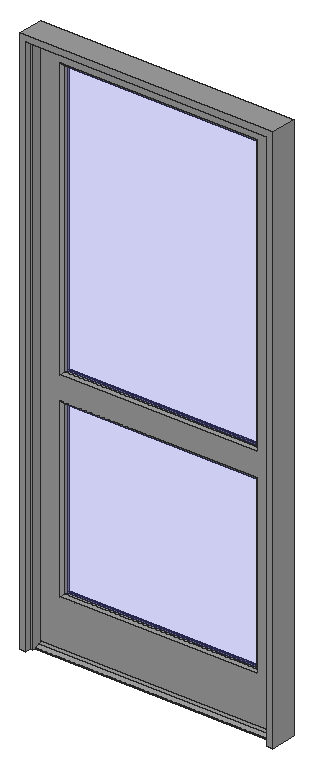
Revit family "MS-375 DOOR-VIP-0-25-CW_v04", category Curtain Panels, Revit 2015
Parameters
  Width [instance] = 3' - 2"
  VIP2 Panic Devices [instance] = not(VIP1 Panic Devices)  # yes
  URL = "obe.com"
  Rough Width [instance] = 3' - 0"
  Panel Width [instance] = [Min-Max Panel Width]  # 3' - 6"
  Panel Offset [instance] = 0' - 0"
  Offset [instance] = 0' - 0"
  Model = "MS-375 DOOR"
  Min-Max Rough Width [instance] = if(and((Rough Width > 3' 1 255/256"), (Rough Width < 3' 8 1/256")), Rough Width, 3' 8")  # 3' - 8"
  Min-Max Panel Width [instance] = if(and((Rough Width > 3' 1 255/256"), (Rough Width < 3' 8 1/256")), Rough Width - 0' 2", 3' 6")  # 3' - 6"
  Manufacturer = "Oldcastle BuildingEnvelope®"
  Keynote = "08 11 00"
  Hinge [instance] = yes
  Height [instance] = 8' - 0"
  Pushbar Height [instance] = 3' - 5 1/4"  # constant formula
  Glass Material = Glass
  Frame Material = Aluminum
  Door Panel Height [instance] = Height - 0' 0 5/8"  # 7' - 11 3/8"
  Description = "MS-375 - 1/4\" Door Infill"
  Assembly Code = "B2030"
  Analytic Construction = "<None>"
  VIP1 Panic Devices [instance] = no
  10 Bottom Rail [instance] = not([8 Bottom Rail])  # no
  8 Bottom Rail [instance] = yes
Reference planes (in)
  plane 1 "Front": y = 0
  plane 2: z = 0
  plane 3 "Center (Left/Right)": x = 0
  plane 4 "Left": x = -19
  plane 5 "Right": x = 19
  plane 6 "Top": z = 96
  plane 7 "Offset": y = 0
  plane 8: y = -1.28244
  plane 9: y = -1.28244
  plane 10: x = -22
  plane 11: x = 22
Forms (in)
  Sweep 1, solid, material "Aluminum" <- "Frame Material"
    path origin (0, 0, 0) x (-1, 0, 0) y (0, 0, 1)
      loop
        line (22, 0) -> (22, 96)
    profile origin (-22, 0, 48) x (1, 0, 0) y (0, 1, 0)
      loop
        line (1, -1.97) -> (1, 0) -> (0, 0) -> (0, -4.5) -> (1, -4.5) -> (1, -3.595) -> (1.5, -3.595) -> (1.5, -1.97) -> (1, -1.97)
  Sweep 2, solid, material "Aluminum" <- "Frame Material"
    path origin (0, 0, 0) x (-1, 0, 0) y (0, 0, 1)
      loop
        line (-22, 0) -> (-22, 96)
    profile origin (22, 0, 48) x (1, 0, 0) y (0, 1, 0)
      loop
        line (-1, -1.97) -> (-1.5, -1.97) -> (-1.5, -3.595) -> (-1, -3.595) -> (-1, -4.5) -> (0, -4.5) -> (0, 0) -> (-1, 0) -> (-1, -1.97)
  Extrusion 3, solid, material "Aluminum" <- "Frame Material"
    sketch origin (-19, 0, 0) x (0, -1, 0) y (0, 0, 1)
      loop
        line (1.97, 94.5) -> (3.595, 94.5) -> (3.595, 95) -> (4.5, 95) -> (4.5, 96) -> (0, 96) -> (0, 95) -> (1.97, 95) -> (1.97, 94.5)
    from -41 to 3
Cuts and joins
  joined: Sweep 1, Sweep 2, Extrusion 3
Text (in)
  text "Exterior" at (-54.29358, 31.38743, 0), in view "Ref. Level"
  text "Exterior" at (480, 41.53993, 89.60405), in view "Right"
  text "Exterior" at (-240, 57.82419, 105.78864), in view "Left"
Dimensions and locks (in)
  equal spacing: plane 4 "Left", plane 3 "Center (Left/Right)", plane 5 "Right"
  "Width": plane 4 "Left" to plane 5 "Right"
  "Height": plane 6 "Top" to plane 2
  "Offset": plane 1 "Front" to plane 7 "Offset"
  locked: plane 7 "Offset" to plane 8 at 1.28244
  locked: plane 7 "Offset" to plane 9 at 1.28244
  locked: plane 7 "Offset" to nested 3 at 1.28244
  Extrusion 3 sketch curve to Extrusion 3 sketch curve to Extrusion 3 sketch curve = 0' - 0 1/2" locked, 0' - 0" locked
  Extrusion 3 sketch curve to Extrusion 3 sketch curve to Extrusion 3 sketch curve to Extrusion 3 sketch curve = 0' - 1.97" locked, 0' - 1 5/8" locked, 0' - 0.905" locked
  locked: Extrusion 3 sketch curve to Extrusion 3 sketch curve at 1
  equal spacing: plane 10, plane 3 "Center (Left/Right)", plane 11
  "Min-Max Rough Width": plane 10 to plane 11
  aligned and locked: level to plane 2
  aligned and locked: nested 1 to plane 8
  aligned and locked: nested 2 to plane 9
  aligned and locked: plane 6 "Top" to Sweep 1 sketch curve
  aligned and locked: level to Sweep 1 sketch curve
  aligned and locked: plane 6 "Top" to Sweep 2 sketch curve
  aligned and locked: level to Sweep 2 sketch curve
  aligned and locked: plane 6 "Top" to nested 3
  aligned and locked: Extrusion 3 to plane 6 "Top"
  aligned and locked: Extrusion 3 sketch curve to plane 6 "Top"
  aligned and locked: plane 3 "Center (Left/Right)" to nested 4
  aligned and locked: nested 4 to plane 7 "Offset"
  aligned and locked: nested 1 to plane 11
  aligned and locked: nested 2 to plane 10
  aligned and locked: Sweep 1 sketch curve to plane 10
  aligned and locked: Sweep 2 sketch curve to plane 11
  aligned and locked: plane 11 to cut or joined group of Sweep 1, Sweep 2, Extrusion 3
  aligned and locked: cut or joined group of Sweep 1, Sweep 2, Extrusion 3 to plane 10
Automatic sketch dimensions
  Sweep 1 sketch curve to profile plane = 0' - 0"
  Sweep 1 sketch curve to plane 7 "Offset" = 0' - 0"
  Sweep 1 sketch curve to profile plane = 0' - 1"  (x2)
  Sweep 1 sketch curve to Sweep 1 sketch curve = 0' - 0 1/2"
  Sweep 1 sketch curve to plane 7 "Offset" = 0' - 1.97"
  Sweep 1 sketch curve to Sweep 1 sketch curve = 0' - 1 5/8"
  Sweep 1 sketch curve to Sweep 1 sketch curve = 0' - 0.905"
  Sweep 2 sketch curve to plane 7 "Offset" = 0' - 0"
  Sweep 2 sketch curve to profile plane = 0' - 0"
  profile plane to Sweep 2 sketch curve = 0' - 1"  (x2)
  Sweep 2 sketch curve to Sweep 2 sketch curve = 0' - 0 1/2"
  Sweep 2 sketch curve to plane 7 "Offset" = 0' - 1.97"
  Sweep 2 sketch curve to Sweep 2 sketch curve = 0' - 1 5/8"
  Sweep 2 sketch curve to Sweep 2 sketch curve = 0' - 0.905"
  Extrusion 3 sketch curve to plane 7 "Offset" = 0' - 0"
Nested families (in)
  nested 1: "2.5x6-RTCIG CW-H8533-DHD-OHD SC-DI" at (22, -1.28244, 0) x (0, -1, 0) z (0, 0, 1), type "2.5x6-RTCIG CW-H8533-DHD-OHD SC-DI"
  nested 2: "2.5x6-RTCIG CW-H8533-DHD-OHD SC-DI" at (-22, -1.28244, 0) x (0, -1, 0) z (0, 0, 1), type ""
  nested 3: "2.5x6-RTCIG CW-H8533-DHD-OHD SC-DI" at (-33, -1.28244, 96) x (0, -1, 0) z (-1, 0, 0), type "2.5x6-RTCIG CW-H8533-DHD-OHD SC-DI"
  nested 4: "MS-375 DOOR-VIP-0.25-Panel_v03" at (0, -16, 0), Height <- "Door Panel Height", Hinge <- "Hinge", Frame Material <- "Frame Material", Glass Material <- "Glass Material", Width <- "Min-Max Panel Width", VIP1 Panic Devices <- "VIP1 Panic Devices", 8 Bottom Rail <- "8 Bottom Rail", Offset <- "Panel Offset", type ""
    with built-in parameter 1001301 3' - 6", VIP1 Panic Devices no, Pushbar Height 3' - 5 1/4", Offset 0' - 0", Hinge yes, built-in parameter 1001300 7' - 11 3/8", Glass at Muntin 0' - 4 9/16", Glass Material Glass, Frame Material Aluminum, Bottom Rail 0' - 8 31/32", 8 Bottom Rail yes
Definition of nested family "MS-375 DOOR-VIP-0.25-Panel_v03"
  Parameters (values of type "MS-375 DOOR-VIP-0.25-Panel_v03")
    system length 1 [instance] = 3' - 6"
    VIP1 Panic Devices [instance] = yes
    Offset [instance] = 0' - 1"
    Hinge [instance] = yes
    system length 2 [instance] = 8' - 0"
    Glass at Muntin [instance] = if(VIP1 Panic Devices, 0' 8 9/16", 0' 4 9/16")  # 0' - 8 9/16"
    Pushbar Height [instance] = 3' - 5 1/4"  # constant formula
    Glass Material [instance] = none
    Frame Material [instance] = none
    Bottom Rail [instance] = if([8 Bottom Rail], 0' 8 31/32", 0' 10 31/32")  # 0' - 10 31/32"
    8 Bottom Rail [instance] = no
  Reference planes (in)
    plane 1 "00": y = 14.0625
    plane 2: z = 0
    plane 3 "Center (Left/Right)": x = 0
    plane 4: z = 96
    plane 5: x = 21
    plane 6: x = -21
    plane 7 "Center (Front/Back)": y = 16
    plane 8 "Exterior": y = 14.1875
    plane 9: z = 48
    plane 10: z = 92.21875
    plane 11: x = 16.88167
    plane 12: x = -16.87021
    plane 13: y = 15
    plane 14: z = 36.96875
    plane 15: z = 45.53125
    plane 16: z = 92.21875
    plane 17: z = 41.25
  Forms (in)
    Sweep 1, solid, material <- "Frame Material"
      path origin (0, 14.0625, 0) x (1, 0, 0) y (0, 0, 1)
        loop
          line (-20.79133, 96) -> (20.80279, 96)
      profile origin (0.00573, 14.0625, 96) x (0, 0, 1) y (0, -1, 0)
        loop
          line (-0.5, -0.875) -> (-0.5, 0.875) -> (-3.49593, 0.875) -> (-4, 0.45204) -> (-4, 0.125) -> (-3.78125, 0.125) -> (-3.78125, -0.125) -> (-4, -0.125) -> (-4, -0.45204) -> (-3.49593, -0.875) -> (-0.5, -0.875)
    Extrusion 2, solid, material <- "Glass Material"
      sketch origin (0, 0, 0) x (0, 1, 0) y (0, 0, 1)
        loop
          line (14.1875, 36.96875) -> (13.9375, 36.96875) -> (13.9375, 10.96875) -> (14.1875, 10.96875) -> (14.1875, 36.96875)
      from -16.87021 to 16.88167
    Sweep 3, solid, material <- "Frame Material"
      path origin (0, 14.0625, 0) x (1, 0, 0) y (0, 0, 1)
        loop
          line (20.80279, 0) -> (-20.79133, 0)
      profile origin (0.00573, 14.0625, 0) x (0, 0, -1) y (0, -1, 0)
        loop
          line (-10.68343, -0.875) -> (-0.6875, -0.875) -> (-0.6875, 0.875) -> (-10.68343, 0.875) -> (-11.1875, 0.45204) -> (-11.1875, 0.125) -> (-10.96875, 0.125) -> (-10.96875, -0.125) -> (-11.1875, -0.125) -> (-11.1875, -0.45204) -> (-10.68343, -0.875)
    Sweep 4, solid, material <- "Frame Material"
      path origin (0, 14.0625, 0) x (1, 0, 0) y (0, 0, 1)
        loop
          line (21, 95.5) -> (21, 0.6875)
      profile origin (21, 14.0625, 48.09375) x (0, -1, 0) y (1, 0, 0)
        loop
          line (-0.875, -0.0878) -> (-0.875, -3.83301) -> (-0.45204, -4.33708) -> (-0.125, -4.33708) -> (-0.125, -4.11833) -> (0.125, -4.11833) -> (0.125, -4.33708) -> (0.45204, -4.33708) -> (0.875, -3.83301) -> (0.875, -0.19721) -> (-0.875, -0.0878)
    Sweep 5, solid, material <- "Frame Material"
      path origin (0, 14.0625, 0) x (1, 0, 0) y (0, 0, 1)
        loop
          line (-21, 95.5) -> (-21, 0.6875)
      profile origin (-21, 14.0625, 48.09375) x (0, -1, 0) y (1, 0, 0)
        loop
          line (-0.875, 0.09967) -> (0.875, 0.20867) -> (0.875, 3.84447) -> (0.45204, 4.34854) -> (0.125, 4.34854) -> (0.125, 4.12979) -> (-0.125, 4.12979) -> (-0.125, 4.34854) -> (-0.45204, 4.34854) -> (-0.875, 3.84447) -> (-0.875, 0.09967)
    Extrusion 6, solid, material <- "Glass Material"
      sketch origin (0, 0, 0) x (0, 1, 0) y (0, 0, 1)
        loop
          line (13.9375, 92.21875) -> (13.9375, 45.53125) -> (14.1875, 45.53125) -> (14.1875, 92.21875) -> (13.9375, 92.21875)
      from -16.87021 to 16.88167
    Sweep 7, solid, material <- "Frame Material"
      path origin (0, 14.0625, 0) x (1, 0, 0) y (0, 0, 1)
        loop
          line (20.80279, 48) -> (-20.79133, 48)
      profile origin (0.00573, 14.0625, 48) x (0, 0, -1) y (0, -1, 0)
        loop
          line (2.25, -0.45204) -> (2.75407, -0.875) -> (10.74593, -0.875) -> (11.25, -0.45204) -> (11.25, -0.125) -> (11.03125, -0.125) -> (11.03125, 0.125) -> (11.25, 0.125) -> (11.25, 0.45204) -> (10.74593, 0.875) -> (2.75407, 0.875) -> (2.25, 0.45204) -> (2.25, 0.125) -> (2.46875, 0.125) -> (2.46875, -0.125) -> (2.25, -0.125) -> (2.25, -0.45204)
    Sweep 8, solid, material <- "Frame Material"
      path origin (0, 14.0625, 0) x (1, 0, 0) y (0, 0, 1)
        loop
          line (-20.79133, 0) -> (20.80279, 0)
      profile origin (0.00573, 14.0625, 0) x (0, 0, 1) y (0, -1, 0)
        loop
          line (0.5, 1.5305) -> (0.19364, 2.1875) -> (0, 2.1875) -> (0, -1.8125) -> (0.19364, -1.8125) -> (0.5, -1.1555) -> (0.5, 1.5305)
  Cuts and joins
    joined: Sweep 1, Sweep 3, Sweep 4, Sweep 5, Sweep 7
  Lines and regions (in)
    model lines
      curve 1: line (16.88167, 14.1875, 92.21875) -> (-17.15553, 14.1875, 48)
      curve 2: line (-17.15553, 14.1875, 48) -> (19.13239, 14.1875, 10.96875)
  Dimensions and locks (in)
    "system length 2": plane 4 to level
    "system length 1": plane 6 to plane 5
    Extrusion 2 sketch curve to plane 1 "00" to Extrusion 2 sketch curve = 0' - 0 1/8" locked, 0' - 0 1/8" locked
    "Bottom Rail": Extrusion 2 sketch curve to level
    locked: plane 11 to plane 5 at 4.11833
    locked: plane 6 to plane 12 at 4.12979
    plane 1 "00" to plane 8 "Exterior" to plane 13 = 0' - 0 1/8" locked, 0' - 0 13/16" locked
    equal spacing: level, plane 9, plane 4
    locked: Sweep 3 sketch curve to plane 6 at 0.20867
    locked: plane 5 to Sweep 3 sketch curve at 0.19721
    locked: Sweep 4 sketch curve to plane 4 at 0.5
    locked: Sweep 5 sketch curve to plane 4 at 0.5
    locked: Sweep 1 sketch curve to plane 6 at 0.20867
    locked: plane 5 to Sweep 1 sketch curve at 0.19721
    "Bottom Rail": Sweep 3 sketch curve to level
    Sweep 3 sketch curve to Sweep 3 sketch curve to Sweep 3 sketch curve to Sweep 3 sketch curve to Sweep 3 sketch curve = 0' - 0" locked, 0' - 0 7/32" locked, 0' - 0.28532" locked, 0' - 0" locked
    Extrusion 6 sketch curve to plane 1 "00" to Extrusion 6 sketch curve = 0' - 0 1/8" locked, 0' - 0 1/8" locked
    locked: plane 5 to Sweep 7 sketch curve at 0.19721
    locked: Sweep 7 sketch curve to plane 6 at 0.20867
    equal spacing: plane 6, plane 3 "Center (Left/Right)", plane 5
    "Offset": plane 13 to plane 7 "Center (Front/Back)"
    locked: plane 16 to plane 4 at 3.78125
    locked: plane 15 to Sweep 7 sketch curve at 0.21875  (x2)
    locked: Sweep 7 sketch curve to plane 14 at 0.21875
    locked: plane 14 to Sweep 7 sketch curve at 0.21875
    "Glass at Muntin": plane 14 to plane 15
    equal spacing: plane 14, plane 17, plane 15
    "Pushbar Height": plane 2 to plane 17
    locked: plane 1 "00" to nested 1 at 0.0287
    locked: plane 5 to Sweep 8 sketch curve at 0.19721
    locked: Sweep 8 sketch curve to plane 6 at 0.20867
    locked: Sweep 5 sketch curve to plane 2 at 0.6875
    locked: Sweep 4 sketch curve to plane 2 at 0.6875
    aligned and locked: plane 2 to level
    aligned and locked: plane 3 "Center (Left/Right)" to nested 1
    aligned and locked: Sweep 1 sketch curve to plane 4
    aligned and locked: Sweep 3 sketch curve to level
    aligned and locked: plane 5 to Sweep 4 sketch curve
    aligned and locked: plane 6 to Sweep 5 sketch curve
    aligned and locked: Sweep 7 sketch curve to plane 9
    aligned and locked: level to nested 2
    aligned and locked: nested 2 to plane 1 "00"
    aligned and locked: Extrusion 6 to plane 11
    aligned and locked: plane 12 to Extrusion 6  (x2)
    aligned and locked: Extrusion 6 to cut or joined group of Sweep 1, Sweep 3, Sweep 4, Sweep 5, Sweep 7
    aligned and locked: curve 1 to cut or joined group of Sweep 1, Sweep 3, Sweep 4, Sweep 5, Sweep 7
    aligned and locked: plane 9 to curve 1
    aligned and locked: curve 2 to Extrusion 2
    aligned and locked: plane 11 to Extrusion 6
    aligned and locked: Extrusion 2 to plane 11
    aligned and locked: plane 12 to Extrusion 2
    aligned and locked: plane 15 to Extrusion 6
    aligned and locked: Extrusion 2 to plane 14
    aligned and locked: Extrusion 6 to nested 2
    aligned and locked: Sweep 8 sketch curve to plane 2
  Automatic sketch dimensions
    profile plane to Sweep 1 sketch curve = 0' - 0 1/2"
    Sweep 1 sketch curve to plane 1 "00" = 0' - 0 7/8"
    Sweep 1 sketch curve to Sweep 1 sketch curve = 0' - 2.99593"
    Sweep 1 sketch curve to plane 1 "00" = 0' - 0.45204"
    Sweep 1 sketch curve to Sweep 1 sketch curve = 0' - 0.50407"  (x2)
    Sweep 1 sketch curve to plane 1 "00" = 0' - 0 1/8"
    Sweep 1 sketch curve to Sweep 1 sketch curve = 0' - 0 7/32"  (x2)
    plane 1 "00" to Sweep 1 sketch curve = 0' - 0 1/8"
    plane 1 "00" to Sweep 1 sketch curve = 0' - 0 7/8"
    Sweep 1 sketch curve to Sweep 1 sketch curve = 0' - 0.32704"
    level to Extrusion 6 sketch curve = 3' - 9 17/32"
    Extrusion 6 sketch curve to plane 4 = 0' - 3 25/32"
    Sweep 4 sketch curve to plane 1 "00" = 0' - 0 7/8"
    Sweep 4 sketch curve to plane 1 "00" = 0' - 0.45204"
    Sweep 4 sketch curve to plane 1 "00" = 0' - 0 1/8"
    plane 1 "00" to Sweep 4 sketch curve = 0' - 0 1/8"
    Sweep 4 sketch curve to Sweep 4 sketch curve = 0' - 0.32704"
    Sweep 4 sketch curve to Sweep 4 sketch curve = 0' - 0.42296"
    profile plane to Sweep 4 sketch curve = 0' - 4.33708"
    Sweep 4 sketch curve to Sweep 4 sketch curve = 0' - 0"
    Sweep 4 sketch curve to Sweep 4 sketch curve = 0' - 0 7/32"
    Sweep 4 sketch curve to Sweep 4 sketch curve = 0' - 0.50407"  (x2)
    profile plane to Sweep 4 sketch curve = 0' - 0.0878"
    profile plane to Sweep 4 sketch curve = 0' - 0.19721"
    Sweep 5 sketch curve to plane 1 "00" = 0' - 0 7/8"
    Sweep 5 sketch curve to plane 1 "00" = 0' - 0.45204"
    Sweep 5 sketch curve to plane 1 "00" = 0' - 0 1/8"
    plane 1 "00" to Sweep 5 sketch curve = 0' - 0 1/8"
    Sweep 5 sketch curve to Sweep 5 sketch curve = 0' - 0.32704"
    Sweep 5 sketch curve to Sweep 5 sketch curve = 0' - 0.42296"
    Sweep 5 sketch curve to profile plane = 0' - 3.84447"
    Sweep 5 sketch curve to Sweep 5 sketch curve = 0' - 0"
    Sweep 5 sketch curve to Sweep 5 sketch curve = 0' - 0.28532"
    Sweep 5 sketch curve to Sweep 5 sketch curve = 0' - 0 7/32"  (x2)
    Sweep 5 sketch curve to profile plane = 0' - 0.20867"
    Sweep 5 sketch curve to profile plane = 0' - 0.09967"
    curve 1 to plane 4 = 0' - 3 25/32"
    curve 2 to plane 12 = 0' - 0.28532"
    plane 11 to curve 2 = 0' - 2.25072"
    Sweep 7 sketch curve to plane 1 "00" = 0' - 0 1/8"  (x2)
    Sweep 7 sketch curve to plane 1 "00" = 0' - 0 7/8"
    Sweep 7 sketch curve to Sweep 7 sketch curve = 0' - 0.28532"  (x2)
    Sweep 7 sketch curve to Sweep 7 sketch curve = 0' - 0.50407"  (x2)
    Sweep 7 sketch curve to Sweep 7 sketch curve = 0' - 0.32704"  (x4)
    plane 1 "00" to Sweep 7 sketch curve = 0' - 0 1/8"  (x2)
    Sweep 7 sketch curve to Sweep 7 sketch curve = 0' - 0 7/32"  (x2)
    plane 1 "00" to Sweep 7 sketch curve = 0' - 0 7/8"
    Sweep 8 sketch curve to profile plane = 0' - 0.19364"  (x2)
    Sweep 8 sketch curve to plane 1 "00" = 0' - 1 13/16"
    Sweep 8 sketch curve to profile plane = 0' - 0 1/2"
    Sweep 8 sketch curve to Sweep 8 sketch curve = 0' - 0.657"  (x2)
    plane 1 "00" to Sweep 8 sketch curve = 0' - 2 3/16"
    Sweep 8 sketch curve to profile plane = 0' - 0"
    plane 14 to Extrusion 2 sketch curve = 0' - 0"
    profile plane to Sweep 3 sketch curve = 0' - 0 11/16"
    Sweep 3 sketch curve to plane 1 "00" = 0' - 0 7/8"
    Sweep 3 sketch curve to plane 1 "00" = 0' - 0.45204"
    Sweep 3 sketch curve to plane 1 "00" = 0' - 0 1/8"
    plane 1 "00" to Sweep 3 sketch curve = 0' - 0 1/8"
    Sweep 3 sketch curve to Sweep 3 sketch curve = 0' - 0.32704"
    Sweep 3 sketch curve to Sweep 3 sketch curve = 0' - 0.42296"
  Nested families (in)
    nested 1: "MS-375 DOOR-VIP-0.25-Plan View" at (0, 14.0912, 0), Hinge <- "Hinge", Width <- "system length 1", type ""
      with Width 3' - 6", Hinge yes
    nested 2: "MS-375 DOOR-VIP-0.25-Section_v02" at (0, 14.0625, 0) x (0, -1, 0) z (1, 0, 0), Height <- "system length 2", VIP1 Panic Devices <- "VIP1 Panic Devices", 8 Bottom Rail <- "8 Bottom Rail", type ""
      with VIP2 Panic Devices no, VIP1 Panic Devices yes, Pushbar Height 3' - 5 1/4", Height 8' - 0", Glass at Muntins 0' - 8 9/16", Bottom Rail 0' - 10 31/32", 8 Bottom Rail no, 10 Bottom Rail yes
  Definition of nested family "MS-375 DOOR-VIP-0.25-Plan View"
    Parameters (values of type "MS-375 DOOR-VIP-0.25-Plan View")
      Width [instance] = 3' - 0"
      Hinge [instance] = no
    Types (2): name | Hinge
      MS-375 DOOR-VIP-0.25-Plan View | no
      NS-212 DOOR-VIP-0.25-Plan View | yes
    Reference planes (in)
      plane 1 "Center (Front/Back)": y = 0
      plane 2: z = 0
      plane 3 "Center (Left/Right)": x = 0
      plane 4: x = -18
      plane 5: x = 18
      plane 6: x = 16.74687
      plane 7: y = 36
    Lines and regions (in)
      detail lines, in view "Ref. Level", not visible
        curve 1: line (-13.875, 0.125, 0) -> (13.75188, 0.125, 0)
        curve 2: line (-13.875, -0.125, 0) -> (13.75188, -0.125, 0)
      detail lines, in view "Ref. Level"
        curve 3: arc (-17.98784, -0.9356, 0) -> (-7.94835, 24.95362, 0) -> (17.52885, 35.99692, 0) r 36
        curve 4: line (16.62187, 5.47312, 0) -> (16.62187, 31.87688, 0)
        curve 8: line (16.87187, 5.47312, 0) -> (16.87187, 31.87688, 0)
      detail lines, in view "Ref. Level", detail levels fine
        curve 5: line (16.68437, 5.47312, 0) -> (16.68437, 31.87688, 0)
        curve 6: line (16.74687, 5.47312, 0) -> (16.74687, 31.87688, 0)
        curve 7: line (16.80937, 5.47312, 0) -> (16.80937, 31.87688, 0)
    Dimensions and locks (in)
      "Width": plane 4 to plane 5
      equal spacing: plane 4, plane 3 "Center (Left/Right)", plane 5
      "Width": plane 7 to plane 1 "Center (Front/Back)"
      locked: nested 3 to plane 1 "Center (Front/Back)" at 0.9
      locked: nested 5 to plane 4 at 2.24812
      locked: nested 2 to plane 7 at 2.25
      plane 6 to plane 5 to nested 4 to nested 1 = 0' - 1.25313" locked, 0' - 2 1/8" locked, 0' - 0 1/8" locked
      aligned and locked: nested 1 to plane 1 "Center (Front/Back)"
      aligned and locked: nested 2 to plane 6
      aligned and locked: plane 6 to nested 3
      aligned and locked: nested 5 to plane 1 "Center (Front/Back)"
      aligned and locked: plane 1 "Center (Front/Back)" to nested 4
      aligned and locked: nested 3 to curve 6
      aligned and locked: curve 4 to nested 2
      aligned and locked: curve 2 to nested 4
      aligned and locked: curve 2 to nested 5
    Automatic sketch dimensions
      curve 6 to plane 6 = 0' - 0"
      plane 1 "Center (Front/Back)" to curve 3 = 0' - 0"
      curve 3 to plane 5 = 0' - 0"
      plane 4 to curve 3 = 0' - 0.01216"
      curve 1 to plane 1 "Center (Front/Back)" = 0' - 0 1/8"
      curve 1 to curve 2 = 0' - 0"  (x2)
      plane 6 to curve 4 = 0' - 0 1/8"
      plane 6 to curve 5 = 0' - 0 1/16"
      curve 6 to curve 7 = 0' - 0 1/16"
      curve 7 to curve 8 = 0' - 0 1/16"
      curve 3 to plane 7 = 0' - 0.00308"
      curve 3 to plane 5 = 0' - 0.47115"
      plane 1 "Center (Front/Back)" to curve 2 = 0' - 0 1/8"
      curve 6 to curve 8 = 0' - 0"
      curve 4 to curve 6 = 0' - 0"  (x2)
      curve 5 to curve 6 = 0' - 0"  (x2)
      curve 7 to curve 8 = 0' - 0"  (x2)
      curve 6 to curve 7 = 0' - 0"
    Nested families (in)
      nested 1: "HINGE-DI" at (20.25, 0, 0) x (-1, 0, 0) z (0, 0, 1), visible <- "Hinge", type "HINGE-DI", in view "Ref. Level"
      nested 2: "HINGE-HD-DI" at (16.74687, 38.25, 0) x (0, 1, 0) z (0, 0, 1), type "HINGE-HD-DI", in view "Ref. Level"
      nested 3: "HINGE-HD-DI" at (16.74687, -0.9, 0) x (0, -1, 0) z (0, 0, 1), type "", in view "Ref. Level"
      nested 4: "HINGE-HD-DI" at (20.125, 0, 0), type "", in view "Ref. Level"
      nested 5: "HINGE-HD-DI" at (-20.24812, 0, 0) x (-1, 0, 0) z (0, 0, 1), type "HINGE-HD-DI", in view "Ref. Level"
    Definition of nested family "HINGE-DI"
      Reference planes (in)
        plane 1 "Center (Front/Back)": y = 0
        plane 2: z = 0
        plane 3 "Center (Left/Right)": x = 0
    Definition of nested family "HINGE-HD-DI"
      Reference planes (in)
        plane 1 "Center (Front/Back)": y = 0
        plane 2: z = 0
        plane 3 "Center (Left/Right)": x = 0
      Lines and regions (in)
        detail lines, in view "Ref. Level"
          curve 1: line (-2.45087, 0.875, 0) -> (-6.0878, 0.875, 0)
          curve 2: line (-6.0878, 0.875, 0) -> (-6.59187, 0.45204, 0)
          curve 3: line (-6.59187, 0.45204, 0) -> (-6.59187, 0.125, 0)
          curve 4: line (-6.59187, 0.125, 0) -> (-6.37312, 0.125, 0)
          curve 5: line (-6.37312, 0.125, 0) -> (-6.37312, -0.125, 0)
          curve 6: line (-6.37312, -0.125, 0) -> (-6.59187, -0.125, 0)
          curve 7: line (-6.59187, -0.125, 0) -> (-6.59187, -0.45204, 0)
          curve 8: line (-6.59187, -0.45204, 0) -> (-6.0878, -0.875, 0)
          curve 9: line (-6.0878, -0.875, 0) -> (-2.34187, -0.875, 0)
          curve 10: line (-2.34187, -0.875, 0) -> (-2.45087, 0.875, 0)
  Definition of nested family "MS-375 DOOR-VIP-0.25-Section_v02"
    Parameters (values of type "MS-375 DOOR-VIP-0.25-Section_v02")
      VIP2 Panic Devices [instance] = not(VIP1 Panic Devices)  # no
      VIP1 Panic Devices [instance] = yes
      Height [instance] = 8' - 0"
      Pushbar Height [instance] = 3' - 5 1/4"  # constant formula
      Glass at Muntins [instance] = if(VIP2 Panic Devices, 0' 4 9/16", 0' 8 9/16")  # 0' - 8 9/16"
      Bottom Rail [instance] = if([10 Bottom Rail], 0' 10 31/32", 0' 8 31/32")  # 0' - 10 31/32"
      10 Bottom Rail [instance] = not([8 Bottom Rail])  # yes
      8 Bottom Rail [instance] = no
    Reference planes (in)
      plane 1 "Center (Front/Back)": y = 0
      plane 2: z = 0
      plane 3 "Center (Left/Right)": x = 0
      plane 4: y = 10.96875
      plane 5: y = 92.21875
      plane 6: y = 96
      plane 7: y = 45.53125
      plane 8: y = 36.96875
      plane 9: y = 45.75
      plane 10: y = 41.25
      plane 11: y = 43.75
    Lines and regions (in)
      detail lines, in view "Ref. Level"
        curve 1: line (-0.125, 92.21875, 0) -> (-0.125, 45.53125, 0)
        curve 5: line (0.125, 92.21875, 0) -> (0.125, 45.53125, 0)
        curve 6: line (0.125, 36.96875, 0) -> (0.125, 10.96875, 0)
        curve 10: line (-0.125, 36.96875, 0) -> (-0.125, 10.96875, 0)
      detail lines, in view "Ref. Level", detail levels fine
        curve 2: line (-0.0625, 92.21875, 0) -> (-0.0625, 45.53125, 0)
        curve 3: line (0, 92.21875, 0) -> (0, 45.53125, 0)
        curve 4: line (0.0625, 92.21875, 0) -> (0.0625, 45.53125, 0)
        curve 7: line (0.0625, 36.96875, 0) -> (0.0625, 10.96875, 0)
        curve 8: line (0, 36.96875, 0) -> (0, 10.96875, 0)
        curve 9: line (-0.0625, 36.96875, 0) -> (-0.0625, 10.96875, 0)
    Dimensions and locks (in)
      "Bottom Rail": plane 4 to plane 1 "Center (Front/Back)"
      "Height": plane 6 to plane 1 "Center (Front/Back)"
      "Glass at Muntins": plane 8 to plane 7
      nested 1 to plane 6 to plane 5 = 0' - 3 1/8" locked, 0' - 3 25/32" locked
      equal spacing: plane 8, plane 10, plane 7
      "Pushbar Height": plane 1 "Center (Front/Back)" to plane 10
      plane 10 to plane 11 to plane 9 = 0' - 2 1/2" locked, 0' - 2" locked
      aligned and locked: plane 5 to curve 2
      aligned and locked: plane 5 to curve 1
      aligned and locked: plane 3 "Center (Left/Right)" to nested 1
      aligned and locked: plane 3 "Center (Left/Right)" to nested 2
      aligned and locked: plane 4 to curve 10
      aligned and locked: plane 4 to curve 9
      aligned and locked: plane 4 to curve 6
      aligned and locked: plane 4 to curve 7
      aligned and locked: plane 4 to curve 8
      aligned and locked: plane 5 to curve 5
      aligned and locked: plane 5 to curve 4
      aligned and locked: plane 5 to curve 3
      aligned and locked: plane 3 "Center (Left/Right)" to nested 3
      aligned and locked: plane 7 to curve 1
      aligned and locked: plane 7 to curve 2
      aligned and locked: plane 7 to curve 3
      aligned and locked: plane 7 to curve 4
      aligned and locked: plane 7 to curve 5
      aligned and locked: plane 8 to curve 6
      aligned and locked: plane 8 to curve 7
      aligned and locked: plane 8 to curve 8
      aligned and locked: plane 8 to curve 9
      aligned and locked: plane 8 to curve 10
      aligned and locked: plane 9 to nested 4
      aligned and locked: plane 3 "Center (Left/Right)" to nested 4
      aligned and locked: plane 3 "Center (Left/Right)" to nested 5
      aligned and locked: plane 1 "Center (Front/Back)" to nested 3
      aligned and locked: plane 1 "Center (Front/Back)" to nested 2
      aligned and locked: plane 11 to nested 5
    Automatic sketch dimensions
      curve 8 to plane 3 "Center (Left/Right)" = 0' - 0"
      curve 3 to plane 3 "Center (Left/Right)" = 0' - 0"
      curve 9 to plane 3 "Center (Left/Right)" = 0' - 0 1/16"
      curve 2 to plane 3 "Center (Left/Right)" = 0' - 0 1/16"
      curve 1 to curve 2 = 0' - 0 1/16"
      curve 10 to curve 9 = 0' - 0 1/16"
      plane 3 "Center (Left/Right)" to curve 7 = 0' - 0 1/16"
      plane 3 "Center (Left/Right)" to curve 4 = 0' - 0 1/16"
      curve 7 to curve 6 = 0' - 0 1/16"
      curve 4 to curve 5 = 0' - 0 1/16"
    Nested families (in)
      nested 1: "TOP RAIL-DI" at (0, 99.125, 0), type "TOP RAIL-DI", in view "Ref. Level"
      nested 2: "8 BOT RAIL-DI" at (0, 9.1875, 0), visible <- "8 Bottom Rail", type "8 BOT RAIL-DI", in view "Ref. Level"
      nested 3: "10 BOT RAIL-DI" at (0, 11.1875, 0), visible <- "10 Bottom Rail", type "10 BOT RAIL-DI", in view "Ref. Level"
      nested 4: "MIDRAIL-VIP1-DI" at (0, 45.75, 0), visible <- "VIP1 Panic Devices", type "MIDRAIL-VIP1-DI", in view "Ref. Level"
      nested 5: "MIDRAIL-VIP2-DI" at (0, 43.75, 0), visible <- "VIP2 Panic Devices", type "MIDRAIL-VIP2-DI", in view "Ref. Level"
    Definition of nested family "TOP RAIL-DI"
      Reference planes (in)
        plane 1 "Center (Front/Back)": y = 0
        plane 2: z = 0
        plane 3 "Center (Left/Right)": x = 0
      Lines and regions (in)
        detail lines, in view "Ref. Level"
          curve 1: line (-0.875, -3.625, 0) -> (0.875, -3.625, 0)
          curve 2: line (0.875, -3.625, 0) -> (0.875, -6.62093, 0)
          curve 3: line (0.875, -6.62093, 0) -> (0.45204, -7.125, 0)
          curve 4: line (0.45204, -7.125, 0) -> (0.125, -7.125, 0)
          curve 5: line (0.125, -7.125, 0) -> (0.125, -6.90625, 0)
          curve 6: line (0.125, -6.90625, 0) -> (-0.125, -6.90625, 0)
          curve 7: line (-0.125, -6.90625, 0) -> (-0.125, -7.125, 0)
          curve 8: line (-0.125, -7.125, 0) -> (-0.45204, -7.125, 0)
          curve 9: line (-0.45204, -7.125, 0) -> (-0.875, -6.62093, 0)
          curve 10: line (-0.875, -6.62093, 0) -> (-0.875, -3.625, 0)
    Definition of nested family "8 BOT RAIL-DI"
      Reference planes (in)
        plane 1 "Center (Front/Back)": y = 0
        plane 2: z = 0
        plane 3 "Center (Left/Right)": x = 0
      Lines and regions (in)
        detail lines, in view "Ref. Level"
          curve 1: line (-0.125, -0.21875, 0) -> (-0.125, 0, 0)
          curve 2: line (-0.125, 0, 0) -> (-0.45204, 0, 0)
          curve 3: line (-0.45204, 0, 0) -> (-0.875, -0.50407, 0)
          curve 4: line (-0.875, -0.50407, 0) -> (-0.875, -8.5, 0)
          curve 5: line (-0.875, -8.5, 0) -> (0.875, -8.5, 0)
          curve 6: line (0.875, -8.5, 0) -> (0.875, -0.50407, 0)
          curve 7: line (0.875, -0.50407, 0) -> (0.45204, 0, 0)
          curve 8: line (0.45204, 0, 0) -> (0.125, 0, 0)
          curve 9: line (0.125, -0.21875, 0) -> (0.125, 0, 0)
          curve 10: line (0.125, -0.21875, 0) -> (-0.125, -0.21875, 0)
          curve 11: line (-1.1555, -8.6875, 0) -> (1.5305, -8.6875, 0)
          curve 12: line (1.5305, -8.6875, 0) -> (2.1875, -8.99386, 0)
          curve 13: line (2.1875, -8.99386, 0) -> (2.1875, -9.18749, 0)
          curve 14: line (2.1875, -9.18749, 0) -> (-1.8125, -9.18749, 0)
          curve 15: line (-1.8125, -9.18749, 0) -> (-1.8125, -8.99386, 0)
          curve 16: line (-1.8125, -8.99386, 0) -> (-1.1555, -8.6875, 0)
    Definition of nested family "10 BOT RAIL-DI"
      Reference planes (in)
        plane 1 "Center (Front/Back)": y = 0
        plane 2: z = 0
        plane 3 "Center (Left/Right)": x = 0
      Lines and regions (in)
        detail lines, in view "Ref. Level"
          curve 1: line (0.125, -0.21875, 0) -> (-0.125, -0.21875, 0)
          curve 2: line (-0.125, -0.21875, 0) -> (-0.125, 0, 0)
          curve 3: line (-0.125, 0, 0) -> (-0.45204, 0, 0)
          curve 4: line (-0.45204, 0, 0) -> (-0.875, -0.50407, 0)
          curve 5: line (-0.875, -0.50407, 0) -> (-0.875, -10.5, 0)
          curve 6: line (-0.875, -10.5, 0) -> (0.875, -10.5, 0)
          curve 7: line (0.875, -10.5, 0) -> (0.875, -0.50407, 0)
          curve 8: line (0.875, -0.50407, 0) -> (0.45204, 0, 0)
          curve 9: line (0.45204, 0, 0) -> (0.125, 0, 0)
          curve 10: line (0.125, 0, 0) -> (0.125, -0.21875, 0)
          curve 11: line (-1.1555, -10.6875, 0) -> (-1.8125, -10.99386, 0)
          curve 12: line (-1.8125, -10.99386, 0) -> (-1.8125, -11.18749, 0)
          curve 13: line (-1.8125, -11.18749, 0) -> (2.1875, -11.18749, 0)
          curve 14: line (2.1875, -11.18749, 0) -> (2.1875, -10.99386, 0)
          curve 15: line (2.1875, -10.99386, 0) -> (1.5305, -10.6875, 0)
          curve 16: line (1.5305, -10.6875, 0) -> (-1.1555, -10.6875, 0)
    Definition of nested family "MIDRAIL-VIP1-DI"
      Reference planes (in)
        plane 1 "Center (Front/Back)": y = 0
        plane 2: z = 0
        plane 3 "Center (Left/Right)": x = 0
    Definition of nested family "MIDRAIL-VIP2-DI"
      Reference planes (in)
        plane 1 "Center (Front/Back)": y = 0
        plane 2: z = 0
        plane 3 "Center (Left/Right)": x = 0
Definition of nested family "2.5x6-RTCIG CW-H8533-DHD-OHD SC-DI"
  Reference planes (in)
    plane 1 "Center (Front/Back)": y = 0
    plane 2: z = 0
    plane 3 "Center (Left/Right)": x = 0
  Lines and regions (in)
    Filled region 1, type "2.5x6.75-RC CW-SSA-SG-H1416-DHD-OHD SC-FINE-1", in view "Ref. Level", detail levels fine
      outline origin (0, 2.5, 0) x (1, 0, 0) y (0, 1, 0)
        loop
          line (-1.03244, -2.5) -> (-1.28244, -2.5)
          arc (-1.28244, -2.5) -> (-1.26095, -2.625) -> (-1.28244, -2.75) r 0.37439
          line (-1.28244, -2.75) -> (-1.03244, -2.75) -> (-1.03244, -2.5)
    Filled region 2, type "2.5x6.75-RC CW-SSA-SG-H1416-DHD-OHD SC-FINE-1", in view "Ref. Level", detail levels fine
      outline origin (0, 2.5, 0) x (1, 0, 0) y (0, 1, 0)
        loop
          line (2.96756, -2.5) -> (2.96756, -2.75) -> (3.21756, -2.75)
          arc (3.21756, -2.75) -> (3.19608, -2.625) -> (3.21756, -2.5) r 0.37439
          line (3.21756, -2.5) -> (2.96756, -2.5)
    Filled region 3, type "2.5x6.75-RC CW-SSA-SG-H1416-DHD-OHD SC-FINE-1", in view "Ref. Level", detail levels fine
      outline origin (0, 2.5, 0) x (1, 0, 0) y (0, 1, 0)
        loop
          line (-1.03244, -2.5) -> (-1.28244, -2.5)
          arc (-1.28244, -2.5) -> (-1.26095, -2.625) -> (-1.28244, -2.75) r 0.37439
          line (-1.28244, -2.75) -> (-1.03244, -2.75) -> (-1.03244, -2.5)
    Filled region 4, type "2.5x6.75-RC CW-SSA-SG-H1416-DHD-OHD SC-FINE-1", in view "Ref. Level", detail levels fine
      outline origin (0, 2.5, 0) x (1, 0, 0) y (0, 1, 0)
        loop
          line (2.96756, -2.5) -> (2.96756, -2.75) -> (3.21756, -2.75)
          arc (3.21756, -2.75) -> (3.19608, -2.625) -> (3.21756, -2.5) r 0.37439
          line (3.21756, -2.5) -> (2.96756, -2.5)
    detail lines, in view "Ref. Level", detail levels fine
      curve 1: arc (1.65506, -0.328, 0) -> (1.67791, -0.38315, 0) -> (1.73306, -0.406, 0) r 0.078
      curve 2: arc (0.20206, -0.406, 0) -> (0.25722, -0.38315, 0) -> (0.28006, -0.328, 0) r 0.078
      curve 3: arc (0.68756, -1.173, 0) -> (0.71506, -1.2005, 0) -> (0.74256, -1.173, 0) r 0.0275
      curve 4: arc (0.74256, -1.408, 0) -> (0.71506, -1.3805, 0) -> (0.68756, -1.408, 0) r 0.0275
      curve 5: arc (2.00056, -1, 0) -> (1.96239, -1.07442, 0) -> (2.04511, -1.062, 0) r 0.047
      curve 6: arc (0.95295, -1.053, 0) -> (1.03486, -1.07804, 0) -> (0.99956, -1, 0) r 0.047
      curve 7: line (1.73306, -0.406, 0) -> (1.98306, -0.406, 0)
      curve 8: line (1.98306, -0.406, 0) -> (1.98306, -0.375, 0)
      curve 9: line (1.98306, -0.375, 0) -> (3.09256, -0.375, 0)
      curve 10: line (3.09256, -0.375, 0) -> (3.09256, -0.875, 0)
      curve 11: line (3.09256, -0.875, 0) -> (-1.15744, -0.875, 0)
      curve 12: line (-1.15744, -0.875, 0) -> (-1.15744, -0.375, 0)
      curve 13: line (-1.15744, -0.375, 0) -> (-0.04794, -0.375, 0)
      curve 14: line (-0.04794, -0.375, 0) -> (-0.04794, -0.406, 0)
      curve 15: line (-0.04794, -0.406, 0) -> (0.20206, -0.406, 0)
      curve 16: line (0.28006, -0.328, 0) -> (0.03006, -0.328, 0)
      curve 17: line (0.03006, -0.328, 0) -> (0.03006, -0.25, 0)
      curve 18: line (0.03006, -0.25, 0) -> (-1.28244, -0.25, 0)
      curve 19: line (-1.28244, -0.25, 0) -> (-1.28244, -1, 0)
      curve 20: line (-1.28244, -1, 0) -> (3.21756, -1, 0)
      curve 21: line (3.21756, -1, 0) -> (3.21756, -0.25, 0)
      curve 22: line (3.21756, -0.25, 0) -> (1.90506, -0.25, 0)
      curve 23: line (1.90506, -0.25, 0) -> (1.90506, -0.328, 0)
      curve 24: line (1.90506, -0.328, 0) -> (1.65506, -0.328, 0)
      curve 25: line (0.74256, -1.173, 0) -> (0.74256, -1.143, 0)
      curve 26: line (0.74256, -1.143, 0) -> (0.79756, -1.143, 0)
      curve 27: line (0.79756, -1.143, 0) -> (0.79756, -1.438, 0)
      curve 28: line (0.79756, -1.438, 0) -> (0.74256, -1.438, 0)
      curve 29: line (0.74256, -1.438, 0) -> (0.74256, -1.408, 0)
      curve 30: line (0.68756, -1.408, 0) -> (0.68756, -1.5, 0)
      curve 31: line (0.68756, -1.5, 0) -> (2.31256, -1.5, 0)
      curve 32: line (2.31256, -1.5, 0) -> (2.31256, -1, 0)
      curve 33: line (2.31256, -1, 0) -> (2.00056, -1, 0)
      curve 34: line (2.04511, -1.062, 0) -> (2.25056, -1.062, 0)
      curve 35: line (2.25056, -1.062, 0) -> (2.25056, -1.438, 0)
      curve 36: line (2.25056, -1.438, 0) -> (0.85956, -1.438, 0)
      curve 37: line (0.85956, -1.438, 0) -> (0.85956, -1.053, 0)
      curve 38: line (0.85956, -1.053, 0) -> (0.95295, -1.053, 0)
      curve 39: line (0.99956, -1, 0) -> (0.79756, -1, 0)
      curve 40: line (0.79756, -1, 0) -> (0.79756, -1.081, 0)
      curve 41: line (0.79756, -1.081, 0) -> (0.74256, -1.081, 0)
      curve 42: line (0.74256, -1.081, 0) -> (0.74256, -1, 0)
      curve 43: line (0.74256, -1, 0) -> (0.68756, -1, 0)
      curve 44: line (0.68756, -1, 0) -> (0.68756, -1.173, 0)
      curve 45: line (-1.28244, 0, 0) -> (-1.28244, -1, 0)
      curve 46: line (-1.28244, -1, 0) -> (0.68756, -1, 0)
      curve 47: line (0.68756, -1, 0) -> (0.68756, -1.5, 0)
      curve 48: line (0.68756, -1.5, 0) -> (2.31256, -1.5, 0)
      curve 49: line (2.31256, -1.5, 0) -> (2.31256, -1, 0)
      curve 50: line (2.31256, -1, 0) -> (3.21756, -1, 0)
      curve 51: line (3.21756, -1, 0) -> (3.21756, 0, 0)
      curve 52: line (3.21756, 0, 0) -> (-1.28244, 0, 0)
      curve 53: arc (-1.28244, -0.25, 0) -> (-1.26095, -0.125, 0) -> (-1.28244, 0, 0) r 0.37439
      curve 54: arc (3.21756, 0, 0) -> (3.19608, -0.125, 0) -> (3.21756, -0.25, 0) r 0.37439
      curve 55: arc (1.95497, -1.14175, 0) -> (1.95619, -1.1362, 0) -> (1.95482, -1.13068, 0) r 0.0125
      curve 56: arc (1.98284, -1.14139, 0) -> (1.98406, -1.13584, 0) -> (1.9827, -1.13032, 0) r 0.0125
      curve 57: arc (1.01743, -1.13032, 0) -> (1.01607, -1.13584, 0) -> (1.01729, -1.14139, 0) r 0.0125
      curve 58: arc (1.0453, -1.13068, 0) -> (1.04394, -1.1362, 0) -> (1.04516, -1.14175, 0) r 0.0125
      curve 59: arc (1.10681, -1.025, 0) -> (1.10028, -1.02684, 0) -> (1.09567, -1.03182, 0) r 0.0125
      curve 60: arc (1.90446, -1.03183, 0) -> (1.89985, -1.02684, 0) -> (1.89332, -1.025, 0) r 0.0125
      curve 61: line (-1.03244, -0.25, 0) -> (-1.03244, 0, 0)
      curve 62: line (-1.03244, 0, 0) -> (2.96756, 0, 0)
      curve 63: line (2.96756, 0, 0) -> (2.96756, -0.25, 0)
      curve 64: line (2.96756, -0.25, 0) -> (-1.03244, -0.25, 0)
      curve 65: line (-1.03244, -0.25, 0) -> (2.96756, 0, 0)
      curve 66: line (-1.03244, 0, 0) -> (2.96756, -0.25, 0)
      curve 67: line (1.95497, -1.14175, 0) -> (1.89789, -1.26122, 0)
      curve 68: line (1.89789, -1.26122, 0) -> (1.92045, -1.272, 0)
      curve 69: line (1.92045, -1.272, 0) -> (1.98284, -1.14139, 0)
      curve 70: line (1.9827, -1.13032, 0) -> (1.92904, -1.025, 0)
      curve 71: line (1.92904, -1.025, 0) -> (1.95506, -1.025, 0)
      curve 72: line (1.95506, -1.025, 0) -> (1.95506, -1, 0)
      curve 73: line (1.95506, -1, 0) -> (1.04506, -1, 0)
      curve 74: line (1.04506, -1, 0) -> (1.04506, -1.025, 0)
      curve 75: line (1.04506, -1.025, 0) -> (1.07109, -1.025, 0)
      curve 76: line (1.07109, -1.025, 0) -> (1.01743, -1.13032, 0)
      curve 77: line (1.01729, -1.14139, 0) -> (1.07968, -1.272, 0)
      curve 78: line (1.07968, -1.272, 0) -> (1.10224, -1.26122, 0)
      curve 79: line (1.10224, -1.26122, 0) -> (1.04516, -1.14175, 0)
      curve 80: line (1.0453, -1.13068, 0) -> (1.09567, -1.03182, 0)
      curve 81: line (1.10681, -1.025, 0) -> (1.89332, -1.025, 0)
      curve 82: line (1.90446, -1.03183, 0) -> (1.95482, -1.13068, 0)
      curve 83: line (0.54796, -1.18033, 0) -> (0.56296, -1.18633, 0)
      curve 84: line (0.56296, -1.18633, 0) -> (0.57696, -1.19533, 0)
      curve 85: line (0.57696, -1.19533, 0) -> (0.60296, -1.19933, 0)
      curve 86: line (0.60296, -1.19933, 0) -> (0.62096, -1.20333, 0)
      curve 87: line (0.62096, -1.20333, 0) -> (0.65696, -1.20433, 0)
      curve 88: line (0.65696, -1.20433, 0) -> (0.67296, -1.20633, 0)
      curve 89: line (0.67296, -1.20633, 0) -> (0.69296, -1.20833, 0)
      curve 90: line (0.69296, -1.20833, 0) -> (0.69696, -1.21433, 0)
      curve 91: line (0.69696, -1.21433, 0) -> (0.70996, -1.20833, 0)
      curve 92: line (0.70996, -1.20833, 0) -> (0.69696, -1.21433, 0)
      curve 93: line (0.55396, -1.35233, 0) -> (0.58296, -1.35233, 0)
      curve 94: line (0.58296, -1.35233, 0) -> (0.60796, -1.35233, 0)
      curve 95: line (0.60796, -1.35233, 0) -> (0.62496, -1.35433, 0)
      curve 96: line (0.62496, -1.35433, 0) -> (0.65696, -1.35433, 0)
      curve 97: line (0.65696, -1.35433, 0) -> (0.67696, -1.35533, 0)
      curve 98: line (0.67696, -1.35533, 0) -> (0.70396, -1.36133, 0)
      curve 99: line (0.70396, -1.36133, 0) -> (0.67496, -1.36433, 0)
      curve 100: line (0.67496, -1.36433, 0) -> (0.68996, -1.37033, 0)
      curve 101: line (0.68996, -1.37033, 0) -> (0.67296, -1.36633, 0)
      curve 102: line (0.67296, -1.36633, 0) -> (0.65096, -1.36833, 0)
      curve 103: line (0.65096, -1.36833, 0) -> (0.58796, -1.37733, 0)
      curve 104: line (0.58796, -1.37733, 0) -> (0.60596, -1.37733, 0)
      curve 105: line (0.60596, -1.37733, 0) -> (0.61696, -1.37533, 0)
      curve 106: line (0.61696, -1.37533, 0) -> (0.63196, -1.37433, 0)
      curve 107: line (0.63196, -1.37433, 0) -> (0.65896, -1.37233, 0)
      curve 108: line (0.65896, -1.37233, 0) -> (0.67896, -1.37033, 0)
      curve 109: line (0.67896, -1.37033, 0) -> (0.65296, -1.36633, 0)
      curve 110: line (0.65296, -1.36633, 0) -> (0.62296, -1.36633, 0)
      curve 111: line (0.62296, -1.36633, 0) -> (0.58996, -1.36433, 0)
      curve 112: line (0.58996, -1.36433, 0) -> (0.54796, -1.36933, 0)
      curve 113: line (0.57196, -1.38433, 0) -> (0.58996, -1.38133, 0)
      curve 114: line (0.58996, -1.38133, 0) -> (0.54796, -1.38833, 0)
      curve 115: line (0.54796, -1.38833, 0) -> (0.57196, -1.38433, 0)
      curve 116: line (0.54996, -1.24133, 0) -> (0.56796, -1.23933, 0)
      curve 117: line (0.56796, -1.23933, 0) -> (0.58096, -1.23733, 0)
      curve 118: line (0.58096, -1.23733, 0) -> (0.59396, -1.23533, 0)
      curve 119: line (0.59396, -1.23533, 0) -> (0.61496, -1.23533, 0)
      curve 120: line (0.61496, -1.23533, 0) -> (0.62796, -1.23533, 0)
      curve 121: line (0.62796, -1.23533, 0) -> (0.65696, -1.23733, 0)
      curve 122: line (0.65696, -1.23733, 0) -> (0.67096, -1.23733, 0)
      curve 123: line (0.67096, -1.23733, 0) -> (0.67896, -1.23933, 0)
      curve 124: line (0.67896, -1.23933, 0) -> (0.69696, -1.24133, 0)
      curve 125: line (0.69696, -1.24133, 0) -> (0.71096, -1.24433, 0)
      curve 126: line (0.71096, -1.24433, 0) -> (0.72796, -1.25233, 0)
      curve 127: line (0.72796, -1.25233, 0) -> (0.74196, -1.25233, 0)
      curve 128: line (0.74196, -1.25233, 0) -> (0.72596, -1.24433, 0)
      curve 129: line (0.72596, -1.24433, 0) -> (0.71096, -1.25033, 0)
      curve 130: line (0.71096, -1.25033, 0) -> (0.70196, -1.25033, 0)
      curve 131: line (0.70196, -1.25033, 0) -> (0.68596, -1.25033, 0)
      curve 132: line (0.68596, -1.25033, 0) -> (0.67096, -1.24633, 0)
      curve 133: line (0.67096, -1.24633, 0) -> (0.65496, -1.24633, 0)
      curve 134: line (0.65496, -1.24633, 0) -> (0.62296, -1.24633, 0)
      curve 135: line (0.62296, -1.24633, 0) -> (0.60596, -1.24633, 0)
      curve 136: line (0.60596, -1.24633, 0) -> (0.59396, -1.24633, 0)
      curve 137: line (0.59396, -1.24633, 0) -> (0.54796, -1.25433, 0)
      curve 138: line (0.54996, -1.20833, 0) -> (0.56096, -1.20833, 0)
      curve 139: line (0.56096, -1.20833, 0) -> (0.58096, -1.20833, 0)
      curve 140: line (0.58096, -1.20833, 0) -> (0.59196, -1.20633, 0)
      curve 141: line (0.59196, -1.20633, 0) -> (0.59896, -1.20633, 0)
      curve 142: line (0.59896, -1.20633, 0) -> (0.60596, -1.20833, 0)
      curve 143: line (0.60596, -1.20833, 0) -> (0.62296, -1.21433, 0)
      curve 144: line (0.62296, -1.21433, 0) -> (0.65496, -1.21233, 0)
      curve 145: line (0.65496, -1.21233, 0) -> (0.66196, -1.21033, 0)
      curve 146: line (0.66196, -1.21033, 0) -> (0.67096, -1.21233, 0)
      curve 147: line (0.67096, -1.21233, 0) -> (0.68096, -1.21233, 0)
      curve 148: line (0.68096, -1.21233, 0) -> (0.68996, -1.21233, 0)
      curve 149: line (0.74596, -1.21033, 0) -> (0.73496, -1.21033, 0)
      curve 150: line (0.73496, -1.21033, 0) -> (0.74196, -1.21033, 0)
      curve 151: line (0.74196, -1.21033, 0) -> (0.75296, -1.21033, 0)
      curve 152: line (0.75296, -1.21033, 0) -> (0.76396, -1.21033, 0)
      curve 153: line (0.76396, -1.21033, 0) -> (0.77496, -1.20633, 0)
      curve 154: line (0.77896, -1.20633, 0) -> (0.76796, -1.20633, 0)
      curve 155: line (0.76796, -1.20633, 0) -> (0.76096, -1.20633, 0)
      curve 156: line (0.76096, -1.20633, 0) -> (0.75296, -1.20833, 0)
      curve 157: line (0.75296, -1.20833, 0) -> (0.74596, -1.21033, 0)
      curve 158: line (0.78096, -1.27033, 0) -> (0.76996, -1.27233, 0)
      curve 159: line (0.76996, -1.27233, 0) -> (0.75496, -1.27433, 0)
      curve 160: line (0.75496, -1.27433, 0) -> (0.74396, -1.27433, 0)
      curve 161: line (0.74396, -1.27433, 0) -> (0.73496, -1.27433, 0)
      curve 162: line (0.73496, -1.27433, 0) -> (0.71496, -1.27433, 0)
      curve 163: line (0.71496, -1.27433, 0) -> (0.69696, -1.27433, 0)
      curve 164: line (0.69696, -1.27433, 0) -> (0.67496, -1.27033, 0)
      curve 165: line (0.67496, -1.27033, 0) -> (0.65696, -1.27033, 0)
      curve 166: line (0.65696, -1.27033, 0) -> (0.60996, -1.27033, 0)
      curve 167: line (0.60996, -1.27033, 0) -> (0.57396, -1.27033, 0)
      curve 168: line (0.57396, -1.27033, 0) -> (0.54796, -1.26833, 0)
      curve 169: line (0.54796, -1.26133, 0) -> (0.56796, -1.26133, 0)
      curve 170: line (0.56796, -1.26133, 0) -> (0.59696, -1.26133, 0)
      curve 171: line (0.59696, -1.26133, 0) -> (0.62496, -1.26133, 0)
      curve 172: line (0.62496, -1.26133, 0) -> (0.66796, -1.26333, 0)
      curve 173: line (0.66796, -1.26333, 0) -> (0.70096, -1.26433, 0)
      curve 174: line (0.70096, -1.26433, 0) -> (0.71896, -1.26333, 0)
      curve 175: line (0.71896, -1.26333, 0) -> (0.73296, -1.26333, 0)
      curve 176: line (0.73296, -1.26333, 0) -> (0.75096, -1.26333, 0)
      curve 177: line (0.75096, -1.26333, 0) -> (0.76096, -1.26333, 0)
      curve 178: line (0.76096, -1.26333, 0) -> (0.76796, -1.26333, 0)
      curve 179: line (0.76796, -1.26333, 0) -> (0.78096, -1.26333, 0)
      curve 180: line (0.78096, -1.25133, 0) -> (0.76996, -1.25033, 0)
      curve 181: line (0.76996, -1.25033, 0) -> (0.76196, -1.25033, 0)
      curve 182: line (0.76196, -1.25033, 0) -> (0.75096, -1.25233, 0)
      curve 183: line (0.75096, -1.25233, 0) -> (0.74196, -1.25233, 0)
      curve 184: line (0.74196, -1.25233, 0) -> (0.74996, -1.24833, 0)
      curve 185: line (0.74996, -1.24833, 0) -> (0.76396, -1.24633, 0)
      curve 186: line (0.76396, -1.24633, 0) -> (0.77496, -1.24333, 0)
      curve 187: line (0.76996, -1.22433, 0) -> (0.75496, -1.22433, 0)
      curve 188: line (0.75496, -1.22433, 0) -> (0.74196, -1.22633, 0)
      curve 189: line (0.74196, -1.22633, 0) -> (0.73296, -1.22633, 0)
      curve 190: line (0.73296, -1.22633, 0) -> (0.70996, -1.22433, 0)
      curve 191: line (0.70996, -1.22433, 0) -> (0.69896, -1.22333, 0)
      curve 192: line (0.69896, -1.22333, 0) -> (0.67696, -1.22433, 0)
      curve 193: line (0.67696, -1.22433, 0) -> (0.65296, -1.22333, 0)
      curve 194: line (0.65296, -1.22333, 0) -> (0.62296, -1.22333, 0)
      curve 195: line (0.62296, -1.22333, 0) -> (0.59896, -1.22133, 0)
      curve 196: line (0.59896, -1.22133, 0) -> (0.58096, -1.22133, 0)
      curve 197: line (0.58096, -1.22133, 0) -> (0.56096, -1.22133, 0)
      curve 198: line (0.56096, -1.22133, 0) -> (0.54796, -1.22233, 0)
      curve 199: line (0.73496, -1.21033, 0) -> (0.71896, -1.21233, 0)
      curve 200: line (0.71896, -1.21233, 0) -> (0.70996, -1.20833, 0)
      curve 201: line (0.70996, -1.20833, 0) -> (0.72396, -1.20833, 0)
      curve 202: line (0.72396, -1.20833, 0) -> (0.73296, -1.21233, 0)
      curve 203: line (0.73296, -1.37433, 0) -> (0.74396, -1.37433, 0)
      curve 204: line (0.74396, -1.37433, 0) -> (0.76096, -1.37433, 0)
      curve 205: line (0.76096, -1.37433, 0) -> (0.77296, -1.37433, 0)
      curve 206: line (0.78096, -1.37033, 0) -> (0.77096, -1.37033, 0)
      curve 207: line (0.77096, -1.37033, 0) -> (0.75496, -1.37033, 0)
      curve 208: line (0.75496, -1.37033, 0) -> (0.74796, -1.36833, 0)
      curve 209: line (0.74796, -1.36833, 0) -> (0.74096, -1.36833, 0)
      curve 210: line (0.74096, -1.36833, 0) -> (0.72996, -1.36633, 0)
      curve 211: line (0.72996, -1.36633, 0) -> (0.71496, -1.36633, 0)
      curve 212: line (0.71496, -1.36633, 0) -> (0.70396, -1.36633, 0)
      curve 213: line (0.70396, -1.36633, 0) -> (0.68996, -1.37033, 0)
      curve 214: line (0.68996, -1.37033, 0) -> (0.70596, -1.37233, 0)
      curve 215: line (0.70596, -1.37233, 0) -> (0.72096, -1.37233, 0)
      curve 216: line (0.72096, -1.37233, 0) -> (0.73296, -1.37433, 0)
      curve 217: line (0.75896, -1.35433, 0) -> (0.74796, -1.35033, 0)
      curve 218: line (0.74796, -1.35033, 0) -> (0.76396, -1.34633, 0)
      curve 219: line (0.76396, -1.34633, 0) -> (0.77296, -1.34633, 0)
      curve 220: line (0.77296, -1.34633, 0) -> (0.78096, -1.34833, 0)
      curve 221: line (0.78096, -1.34833, 0) -> (0.77296, -1.35433, 0)
      curve 222: line (0.77296, -1.35433, 0) -> (0.76596, -1.35433, 0)
      curve 223: line (0.76596, -1.35433, 0) -> (0.75896, -1.35433, 0)
      curve 224: line (0.54796, -1.31033, 0) -> (0.55896, -1.31033, 0)
      curve 225: line (0.55896, -1.31033, 0) -> (0.58796, -1.30833, 0)
      curve 226: line (0.58796, -1.30833, 0) -> (0.61496, -1.30833, 0)
      curve 227: line (0.61496, -1.30833, 0) -> (0.62796, -1.30833, 0)
      curve 228: line (0.62796, -1.30833, 0) -> (0.66196, -1.31033, 0)
      curve 229: line (0.66196, -1.31033, 0) -> (0.68096, -1.31233, 0)
      curve 230: line (0.68096, -1.31233, 0) -> (0.69896, -1.31433, 0)
      curve 231: line (0.69896, -1.31433, 0) -> (0.72096, -1.31433, 0)
      curve 232: line (0.72096, -1.31433, 0) -> (0.73696, -1.31433, 0)
      curve 233: line (0.73696, -1.31433, 0) -> (0.75896, -1.31433, 0)
      curve 234: line (0.75896, -1.31433, 0) -> (0.76596, -1.31433, 0)
      curve 235: line (0.76596, -1.31433, 0) -> (0.77896, -1.31033, 0)
      curve 236: line (0.54796, -1.32333, 0) -> (0.57896, -1.32133, 0)
      curve 237: line (0.57896, -1.32133, 0) -> (0.60496, -1.31933, 0)
      curve 238: line (0.60496, -1.31933, 0) -> (0.61896, -1.31933, 0)
      curve 239: line (0.61896, -1.31933, 0) -> (0.66196, -1.31933, 0)
      curve 240: line (0.66196, -1.31933, 0) -> (0.67696, -1.32133, 0)
      curve 241: line (0.67696, -1.32133, 0) -> (0.70096, -1.32133, 0)
      curve 242: line (0.70096, -1.32133, 0) -> (0.71496, -1.32133, 0)
      curve 243: line (0.71496, -1.32133, 0) -> (0.73496, -1.32133, 0)
      curve 244: line (0.73496, -1.32133, 0) -> (0.75096, -1.32333, 0)
      curve 245: line (0.75096, -1.32333, 0) -> (0.76196, -1.32433, 0)
      curve 246: line (0.76196, -1.32433, 0) -> (0.77096, -1.32433, 0)
      curve 247: line (0.77096, -1.32433, 0) -> (0.78096, -1.32433, 0)
      curve 248: line (0.73296, -1.35433, 0) -> (0.74796, -1.35433, 0)
      curve 249: line (0.74796, -1.35433, 0) -> (0.72596, -1.35733, 0)
      curve 250: line (0.72596, -1.35733, 0) -> (0.73296, -1.35433, 0)
      curve 251: line (0.71296, -1.35533, 0) -> (0.70396, -1.36133, 0)
      curve 252: line (0.70396, -1.36133, 0) -> (0.72596, -1.35733, 0)
      curve 253: line (0.72596, -1.35733, 0) -> (0.71296, -1.35533, 0)
      curve 254: line (0.54796, -1.29533, 0) -> (0.57696, -1.29533, 0)
      curve 255: line (0.57696, -1.29533, 0) -> (0.60996, -1.29533, 0)
      curve 256: line (0.60996, -1.29533, 0) -> (0.65296, -1.29533, 0)
      curve 257: line (0.65296, -1.29533, 0) -> (0.67296, -1.29533, 0)
      curve 258: line (0.67296, -1.29533, 0) -> (0.69896, -1.29933, 0)
      curve 259: line (0.69896, -1.29933, 0) -> (0.70796, -1.29933, 0)
      curve 260: line (0.70796, -1.29933, 0) -> (0.72096, -1.30133, 0)
      curve 261: line (0.72096, -1.30133, 0) -> (0.73296, -1.30133, 0)
      curve 262: line (0.73296, -1.30133, 0) -> (0.74396, -1.30133, 0)
      curve 263: line (0.74396, -1.30133, 0) -> (0.75296, -1.30133, 0)
      curve 264: line (0.75296, -1.30133, 0) -> (0.76996, -1.29933, 0)
      curve 265: line (0.76996, -1.29933, 0) -> (0.77696, -1.29933, 0)
      curve 266: line (0.77696, -1.29933, 0) -> (0.77696, -1.2896, 0)
      curve 267: line (0.78096, -1.28933, 0) -> (0.76596, -1.29033, 0)
      curve 268: line (0.76596, -1.29033, 0) -> (0.75496, -1.29033, 0)
      curve 269: line (0.75496, -1.29033, 0) -> (0.74096, -1.29233, 0)
      curve 270: line (0.74096, -1.29233, 0) -> (0.70996, -1.28833, 0)
      curve 271: line (0.70996, -1.28833, 0) -> (0.69296, -1.28833, 0)
      curve 272: line (0.69296, -1.28833, 0) -> (0.67696, -1.28833, 0)
      curve 273: line (0.67696, -1.28833, 0) -> (0.66096, -1.28633, 0)
      curve 274: line (0.66096, -1.28633, 0) -> (0.62296, -1.28633, 0)
      curve 275: line (0.62296, -1.28633, 0) -> (0.60096, -1.28433, 0)
      curve 276: line (0.60096, -1.28433, 0) -> (0.56096, -1.28333, 0)
      curve 277: line (0.56096, -1.28333, 0) -> (0.54796, -1.28333, 0)
      curve 278: line (0.54796, -1.33833, 0) -> (0.57896, -1.33533, 0)
      curve 279: line (0.57896, -1.33533, 0) -> (0.61496, -1.33733, 0)
      curve 280: line (0.61496, -1.33733, 0) -> (0.65296, -1.33733, 0)
      curve 281: line (0.65296, -1.33733, 0) -> (0.67496, -1.33733, 0)
      curve 282: line (0.67496, -1.33733, 0) -> (0.69496, -1.33733, 0)
      curve 283: line (0.69496, -1.33733, 0) -> (0.70996, -1.33733, 0)
      curve 284: line (0.70996, -1.33733, 0) -> (0.72596, -1.33933, 0)
      curve 285: line (0.72596, -1.33933, 0) -> (0.73696, -1.33933, 0)
      curve 286: line (0.73696, -1.33933, 0) -> (0.74796, -1.33933, 0)
      curve 287: line (0.74796, -1.33933, 0) -> (0.75896, -1.33933, 0)
      curve 288: line (0.75896, -1.33933, 0) -> (0.77696, -1.33733, 0)
      curve 289: line (0.78096, -1.41933, 0) -> (0.78096, -1.15933, 0)
      curve 342: arc (1.65506, -0.328, 0) -> (1.67791, -0.38315, 0) -> (1.73306, -0.406, 0) r 0.078
      curve 343: arc (0.20206, -0.406, 0) -> (0.25722, -0.38315, 0) -> (0.28006, -0.328, 0) r 0.078
      curve 344: arc (0.68756, -1.173, 0) -> (0.71506, -1.2005, 0) -> (0.74256, -1.173, 0) r 0.0275
